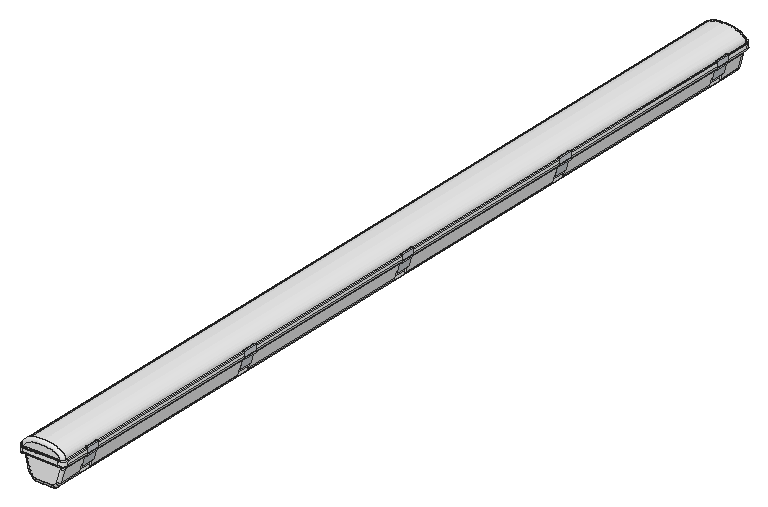
Revit family "0048796 Feilo Sylvania Lighting Fixture HYDROPROOF LED G3 1500MM S 4K D", category Lighting Fixtures, host Face, Revit 2016
Family settings
  Host = Face
  Part Type = Normal
  Round Connector Dimension = Use Diameter
  OmniClass Number = 23.80.70.11.14
  OmniClass Title = General Luminaries, Directional
  Cut with Voids When Loaded = No
  Light Source = Yes
  Shared = No
  Room Calculation Point = No
Parameters (values of type "0048796 HYDROPROOF LED G3 1500MM S 4K D")
  Width = 84 mm
  Weight = "2.26 kg"
  Wattage Comments = "n/a"
  Wattage = 31 W
  WarrantyStartDate [instance] = "n/a"
  WarrantyGuarantorParts = "n/a"
  WarrantyDurationUnit = "n/a"
  WarrantyDurationParts = "n/a"
  WarrantyDescription = "n/a"
  built-in parameter 1150110 = 1 (stored number, unit not read)
  Voltage = 230 V
  URL = "http://www.sylvania-lighting.com"
  TypeName = "HYDROPROOF LED G3 1500MM S 4K D"
  Type Image = <None>
  Type Comments = "n/a"
  built-in parameter 1114217 = 1 (stored number, unit not read)
  Tilt Angle = -90.00°
  built-in parameter 1150109 = 1 (stored number, unit not read)
  built-in parameter 1150134 = 12
  built-in parameter 1150113 = 1 (stored number, unit not read)
  SerialNumber [instance] = "n/a"
  ReflectorMaterial = none
  PowerFactor = 0
  PowerConsumption = "31 W"
  Photometric Web File = "0048796.ies"
  NominalWidth = 0 mm
  NominalLength = 1578 mm
  NominalHeight = 75 mm
  Name = "HYDROPROOF LED G3 1500MM S 4K D"
  ModelReference = "HYDROPROOF LED G3 1500MM S 4K D"
  ModelNumber = "0048796"
  Model = "HYDROPROOF LED G3 1500MM S 4K D"
  Material = "grp housing, pmma diffuser"
  ManufacturerName = "Feilo Sylvania"
  Manufacturer = "Feilo Sylvania"
  LuminousEfficacy = "160 lm/W"
  built-in parameter 1150105 = 394.7 (stored number, unit not read)
  Lumens = 4960 lm
  LuminaireType = ""
  built-in parameter 1150115 = 1 (stored number, unit not read)
  LightOutputRatio = "n/a"
  built-in parameter 1150137 = (empty or 0)
  built-in parameter 1150139 = (empty or 0)
  Length = 1572 mm
  LampsType = Lamp  # "LED"
  LampNominalLuminous = "4950 lm"
  LampMacAdamStep = "3"
  LampColourTemperature = "4000 K"
  LampColourRenderingIndex = "80"
  built-in parameter 1150112 = 1 (stored number, unit not read)
  built-in parameter 1150114 = 1 (stored number, unit not read)
  Lamp = "LED"
  Keynote = "16500"
  InstallationDate [instance] = "n/a"
  InputVoltage = "220-240V~"
  InputNominalFrequency = "DC/50/60 Hz"
  built-in parameter 1150132 = (empty or 0)
  built-in parameter 1150102 = (empty or 0)
  built-in parameter 1150107 = 4000 (stored number, unit not read)
  built-in parameter 1150138 = (empty or 0)
  IngressProtection = "IP65"
  ImpactProtectionIndex = "IK02"
  built-in parameter 1150106 = 3.947 (stored number, unit not read)
  IfcExportType = "IfcLightFixtureType"
  IfcExportAs = "IfcLightFixtureType"
  ExpectedLife = 50000
  Emit from Rectangle Width = Width - 20 mm  # 64 mm
  Emit from Rectangle Length = Length - 20 mm  # 1552 mm
  Emit Shape Visible in Rendering = no
  ElectricShockClassification = "Class I"
  built-in parameter 1150104 = 14.864 (stored number, unit not read)
  DurationUnit = "hours"
  DocumentationLiterature = "http://www.sylvania-lighting.com/product/en-int/products/0048796"
  DimmingControlOptions = "Dimmable"
  Dimming Lamp Color Temperature Shift = <None>
  DiffuserMaterial = Diffuser-Sylvania-Transparent
  Description = "Hydroproof, integrated LED chemical resistant weatherproof luminaire, with UV stabilized flat diffuser and linear prisms designed to achieve uniform lit appearance, optimise light output and to reduce glare, stainless steel diffuser clips and fixing brackets for surface and wall mounting. L 1578 mm x W 84 mm x H 75 mm size, GRP housing, PMMA diffuser, DALI dimmable, 4000K, CRI80,  4950 lm, 31 W, 160 lm/W, nominal average life (h):50000, energy class: A++ A+ A Class I,IK02, IP65."
  Default Elevation = 1219.2 mm
  CreatedOn = "3/27/2018"
  CreatedBy = "aron.fodor@feilosylvania.com"
  Cost = 0
  Color Filter = 16777215
  built-in parameter 1114216 [instance] = (empty or 0)
  ClassificationValue = "EF_70_80"
  ClassificationName = "Uniclass2015"
  BodyMaterial = Body-Sylvania-Gray
  BarCode [instance] = "n/a"
  built-in parameter 1114218 = 1 (stored number, unit not read)
  built-in parameter 1150133 = 10 (stored number, unit not read)
  AssetType = "Fixed"
  AssetIdentifier [instance] = "n/a"
  Assembly Code = "D5020200"
  Apparent Load = 31 VA
  AccessoryMaterial = Diffuser-Sylvania-Glow
Reference planes
  plane 1 "Center (Front/Back)": y = 0
  plane 2: z = 0
  plane 3 "Center (Left/Right)": x = 0
  plane 4: z = 54
  plane 5: x = -14.7
  plane 6: x = -21.8
  plane 7: x = -26.6
  plane 8: x = -29.2
  plane 9: z = 3
  plane 10: z = 7.8
  plane 11: z = 12.3
  plane 12: z = 36.6
  plane 13: z = 42.8
  plane 14: x = -38.1
  plane 15: z = 46.2
  plane 16: x = -42
  plane 17: y = 786
  plane 18: y = -786
  plane 19: x = 14.7
  plane 20: x = 21.8
  plane 21: x = 26.6
  plane 22: x = 29.2
  plane 23: x = 38.1
  plane 24: x = 42
  plane 25: y = 778.4
  plane 26: y = -778.4
  plane 27: y = -774.7
  plane 28: y = 774.7
  plane 29: z = 74
  plane 30: x = -38.5
  plane 31: x = 38.5
  plane 32: z = 55.2
  plane 33: y = -782.5
  plane 34: y = 782.5
  plane 35: x = -24.5
  plane 36: x = 24.5
  plane 37: x = -35.7
  plane 38: x = 35.7
  plane 39: z = 50.2
  plane 40: z = 24.6
  plane 41: y = -720
  plane 42: y = -734
  plane 43: y = -706
  plane 44: y = 720
  plane 45: y = -720
  plane 46: y = -734
  plane 47: y = -706
  plane 48: y = 720
  plane 49: y = 706
  plane 50: y = 734
  plane 51: y = -360
  plane 52: y = -374
  plane 53: y = -346
  plane 54: y = 0
  plane 55: y = -14
  plane 56: y = 14
  plane 57: y = 360
  plane 58: y = 346
  plane 59: y = 374
Forms (mm)
  Sweep 1, solid, material "Body-Sylvania-Gray" <- "BodyMaterial", detail levels medium+fine
    path origin (1223.4, -4572, 54) x (0, -1, 0) y (1, 0, 0)
      loop
        arc (-3796, -1265.4) -> (-3788.929, -1262.471) -> (-3786, -1255.4) r 10
        line (-3786, -1255.4) -> (-3786, -1191.4)
        arc (-3786, -1191.4) -> (-3788.929, -1184.329) -> (-3796, -1181.4) r 10
        line (-3796, -1181.4) -> (-5348, -1181.4)
        arc (-5348, -1181.4) -> (-5355.071, -1184.329) -> (-5358, -1191.4) r 10
        line (-5358, -1191.4) -> (-5358, -1255.4)
        arc (-5358, -1255.4) -> (-5355.071, -1262.471) -> (-5348, -1265.4) r 10
        line (-5348, -1265.4) -> (-3796, -1265.4)
    profile origin (-42, 0, 54) x (-1, 0, 0) y (0, 0, 1)
      loop
        line (0, 0) -> (-1, 0) -> (-1, -7.726)
        arc (-1, -7.726) -> (-1.994, -9.498) -> (-3.9, -10.2) r 2.937
        line (-3.9, -10.2) -> (-8.571, -10.2) -> (-8.571, -11.2) -> (-3.9, -11.2)
        arc (-3.9, -11.2) -> (-1.313, -10.231) -> (0, -7.8) r 3.937
        line (0, -7.8) -> (0, 0)
  Sweep 2, solid, material "Body-Sylvania-Gray" <- "BodyMaterial", detail levels medium+fine
    path origin (0, 0, 0) x (1, 0, 0) y (0, 0, 1)
      loop
        line (35.7, 42.8) -> (35.7, 36.6) -> (29.203, 12.31)
        arc (29.203, 12.31) -> (28.199, 9.884) -> (26.6, 7.8) r 10.052
        line (26.6, 7.8) -> (21.8, 3)
        arc (21.8, 3) -> (18.554, 0.781) -> (14.7, 0) r 9.902
        line (14.7, 0) -> (0, 0) -> (-14.7, 0)
        arc (-14.7, 0) -> (-18.554, 0.781) -> (-21.8, 3) r 9.902
        line (-21.8, 3) -> (-26.6, 7.8)
        arc (-26.6, 7.8) -> (-28.199, 9.884) -> (-29.203, 12.31) r 10.052
        line (-29.203, 12.31) -> (-35.7, 36.6) -> (-35.7, 42.8)
    profile origin (0, 0, 0) x (0, 0, -1) y (0, -1, 0)
      loop
        arc (0, 773.4) -> (-1.464, 776.936) -> (-5, 778.4) r 5
        line (-5, 778.4) -> (-7.8, 778.4) -> (-7.8, -778.4) -> (-5, -778.4)
        arc (-5, -778.4) -> (-1.464, -776.936) -> (0, -773.4) r 5
        line (0, -773.4) -> (0, 773.4)
  Extrusion 3, solid, material "Body-Sylvania-Gray" <- "BodyMaterial", detail levels medium+fine
    sketch origin (1524, 778.4, 1219.2) x (1, 0, 0) y (0, 0, 1)
      loop
        arc (-1545.668, -1204.874) -> (-1545.443, -1205.418) -> (-1545.085, -1205.885) r 2.252
        line (-1545.085, -1205.885) -> (-1540.231, -1210.738)
        arc (-1540.231, -1210.738) -> (-1539.534, -1211.227) -> (-1538.7, -1211.4) r 2.102
        line (-1538.7, -1211.4) -> (-1509.3, -1211.4)
        arc (-1509.3, -1211.4) -> (-1508.466, -1211.227) -> (-1507.769, -1210.738) r 2.102
        line (-1507.769, -1210.738) -> (-1502.915, -1205.885)
        arc (-1502.915, -1205.885) -> (-1502.557, -1205.418) -> (-1502.332, -1204.874) r 2.252
        line (-1502.332, -1204.874) -> (-1496.1, -1181.575) -> (-1496.1, -1176.4) -> (-1551.9, -1176.4) -> (-1551.9, -1181.575) -> (-1545.668, -1204.874)
    from 0 to 1556.8
  Sweep 4, solid, material "Diffuser-Sylvania-Transparent" <- "DiffuserMaterial", detail levels medium+fine
    path origin (0, 0, 0) x (1, 0, 0) y (0, 0, 1)
      loop
        spline (-38.5, 55.2) -> (-37.188, 60.066) -> (-33.342, 64.6) -> (-27.224, 68.494) -> (-19.25, 71.481) -> (-9.965, 73.359) -> (0, 74) -> (9.965, 73.359) -> (19.25, 71.481) -> (27.224, 68.494) -> (33.342, 64.6) -> (37.188, 60.066) -> (38.5, 55.2)
    profile origin (38.5, 0, 55.2) x (0, -1, 0) y (1, 0, 0)
      loop
        arc (782.5, -5.5) -> (780.889, -1.611) -> (777, 0) r 5.5
        line (777, 0) -> (-777, 0)
        arc (-777, 0) -> (-780.889, -1.611) -> (-782.5, -5.5) r 5.5
        line (-782.5, -5.5) -> (-782.5, -6.3) -> (-781.5, -6.3) -> (-781.5, -5.5)
        arc (-781.5, -5.5) -> (-780.182, -2.318) -> (-777, -1) r 4.5
        line (-777, -1) -> (777, -1)
        arc (777, -1) -> (780.182, -2.318) -> (781.5, -5.5) r 4.5
        line (781.5, -5.5) -> (781.5, -6.347) -> (782.5, -6.347) -> (782.5, -5.5)
  Extrusion 5, solid, material "Diffuser-Sylvania-Transparent" <- "DiffuserMaterial", detail levels medium+fine
    sketch origin (1524, -782.5, 1219.2) x (1, 0, 0) y (0, 0, 1)
      loop
        line (-1556.653, -1164) -> (-1491.347, -1164)
        spline (-1491.347, -1164) -> (-1491.939, -1161.945) -> (-1494.434, -1159.066) -> (-1499.342, -1155.96) -> (-1506.338, -1153.35) -> (-1514.799, -1151.648) -> (-1524, -1151.047) -> (-1533.201, -1151.648) -> (-1541.662, -1153.35) -> (-1548.658, -1155.96) -> (-1553.566, -1159.066) -> (-1556.061, -1161.945) -> (-1556.653, -1164)
    from 0 to -1
  Extrusion 6, solid, material "Diffuser-Sylvania-Transparent" <- "DiffuserMaterial", detail levels medium+fine
    sketch origin (1524, 782.5, 1219.2) x (1, 0, 0) y (0, 0, 1)
      loop
        spline (-1491.3, -1164) -> (-1491.898, -1161.922) -> (-1494.404, -1159.03) -> (-1499.322, -1155.918) -> (-1506.325, -1153.305) -> (-1514.793, -1151.602) -> (-1524, -1151) -> (-1533.207, -1151.602) -> (-1541.675, -1153.305) -> (-1548.678, -1155.918) -> (-1553.596, -1159.03) -> (-1556.102, -1161.922) -> (-1556.7, -1164)
        line (-1556.7, -1164) -> (-1491.3, -1164)
    from 0 to 1
  Extrusion 7, solid, material "Diffuser-Sylvania-Glow" <- "AccessoryMaterial", detail levels fine
    sketch origin (0, 0, 0) x (1, 0, 0) y (0, 0, 1)
      loop
        circle (0, 50.2) r 8
    from -774.7 to 774.7
  Extrusion 8, void
    sketch origin (0, -720, 2343.807) x (0, 0, -1) y (-1, 0, 0)
      loop
        line (2340.807, -24.5) -> (2331.507, -24.5) -> (2319.207, -29.2) -> (2319.207, -35.7) -> (2340.807, -35.7) -> (2340.807, -24.5)
      loop
        line (2340.807, 24.5) -> (2340.807, 35.7) -> (2319.207, 35.7) -> (2319.207, 29.2) -> (2331.507, 24.5) -> (2340.807, 24.5)
    from 14 to -14
  Extrusion 9, void, not visible
    sketch origin (0, -720, 2343.807) x (0, 0, -1) y (-1, 0, 0)
      loop
        line (2340.807, -24.5) -> (2331.507, -24.5) -> (2319.207, -29.2) -> (2319.207, -35.7) -> (2340.807, -35.7) -> (2340.807, -24.5)
      loop
        line (2340.807, 24.5) -> (2340.807, 35.7) -> (2319.207, 35.7) -> (2319.207, 29.2) -> (2331.507, 24.5) -> (2340.807, 24.5)
    from 14 to -14
  Extrusion 10, void
    sketch origin (0, 720, 2343.807) x (0, 0, -1) y (-1, 0, 0)
      loop
        line (2340.807, -24.5) -> (2331.507, -24.5) -> (2319.207, -29.2) -> (2319.207, -35.7) -> (2340.807, -35.7) -> (2340.807, -24.5)
      loop
        line (2340.807, 24.5) -> (2340.807, 35.7) -> (2319.207, 35.7) -> (2319.207, 29.2) -> (2331.507, 24.5) -> (2340.807, 24.5)
    from 14 to -14
  Extrusion 11, void
    sketch origin (0, -360, 2343.807) x (0, 0, -1) y (-1, 0, 0)
      loop
        line (2340.807, -24.5) -> (2331.507, -24.5) -> (2319.207, -29.2) -> (2319.207, -35.7) -> (2340.807, -35.7) -> (2340.807, -24.5)
      loop
        line (2340.807, 24.5) -> (2340.807, 35.7) -> (2319.207, 35.7) -> (2319.207, 29.2) -> (2331.507, 24.5) -> (2340.807, 24.5)
    from 14 to -14
  Extrusion 12, void
    sketch origin (0, 0, 2343.807) x (0, 0, -1) y (-1, 0, 0)
      loop
        line (2340.807, -24.5) -> (2331.507, -24.5) -> (2319.207, -29.2) -> (2319.207, -35.7) -> (2340.807, -35.7) -> (2340.807, -24.5)
      loop
        line (2340.807, 24.5) -> (2340.807, 35.7) -> (2319.207, 35.7) -> (2319.207, 29.2) -> (2331.507, 24.5) -> (2340.807, 24.5)
    from 14 to -14
  Extrusion 13, void
    sketch origin (0, 360, 2343.807) x (0, 0, -1) y (-1, 0, 0)
      loop
        line (2340.807, -24.5) -> (2331.507, -24.5) -> (2319.207, -29.2) -> (2319.207, -35.7) -> (2340.807, -35.7) -> (2340.807, -24.5)
      loop
        line (2340.807, 24.5) -> (2340.807, 35.7) -> (2319.207, 35.7) -> (2319.207, 29.2) -> (2331.507, 24.5) -> (2340.807, 24.5)
    from 14 to -14
  Extrusion 14, solid, material "Diffuser-Sylvania-Transparent" <- "DiffuserMaterial", detail levels medium+fine
    sketch origin (1223.4, -4572, 54) x (0, -1, 0) y (-1, 0, 0)
      loop
        arc (-5348, 1265.4) -> (-5355.071, 1262.471) -> (-5358, 1255.4) r 10
        line (-5358, 1255.4) -> (-5358, 1191.4)
        arc (-5358, 1191.4) -> (-5355.071, 1184.329) -> (-5348, 1181.4) r 10
        line (-5348, 1181.4) -> (-3796, 1181.4)
        arc (-3796, 1181.4) -> (-3788.929, 1184.329) -> (-3786, 1191.4) r 10
        line (-3786, 1191.4) -> (-3786, 1255.4)
        arc (-3786, 1255.4) -> (-3788.929, 1262.471) -> (-3796, 1265.4) r 10
        line (-3796, 1265.4) -> (-5348, 1265.4)
      loop
        arc (-5354.5, 1190.394) -> (-5352.887, 1186.509) -> (-5349, 1184.9) r 5.5
        line (-5349, 1184.9) -> (-3795, 1184.9)
        arc (-3795, 1184.9) -> (-3791.113, 1186.509) -> (-3789.5, 1190.394) r 5.5
        line (-3789.5, 1190.394) -> (-3789.5, 1256.406)
        arc (-3789.5, 1256.406) -> (-3791.113, 1260.291) -> (-3795, 1261.9) r 5.5
        line (-3795, 1261.9) -> (-5349, 1261.9)
        arc (-5349, 1261.9) -> (-5352.887, 1260.291) -> (-5354.5, 1256.406) r 5.5
        line (-5354.5, 1256.406) -> (-5354.5, 1190.394)
    from 0 to -1.2
  Extrusion 15, solid, material "Body-Sylvania-Gray" <- "BodyMaterial", detail levels coarse
    sketch origin (0, 0, 0) x (1, 0, 0) y (0, 0, 1)
      loop
        line (-42, 55.2) -> (-42, 42.8) -> (-26.6, 0) -> (26.6, 0) -> (42, 42.8) -> (42, 55.2) -> (-42, 55.2)
    from -786 to 786
  Extrusion 16, solid, material "Diffuser-Sylvania-Transparent" <- "DiffuserMaterial", detail levels coarse
    sketch origin (0, 0, 0) x (1, 0, 0) y (0, 0, 1)
      loop
        line (-38.5, 55.2) -> (38.5, 55.2)
        arc (38.5, 55.2) -> (0, 74) -> (-38.5, 55.2) r 48.822
    from -778.4 to 778.4
Cuts and joins
  Extrusion 8, Extrusion 10, Extrusion 11, Extrusion 12, Extrusion 13 cuts Sweep 2
  Extrusion 8, Extrusion 10, Extrusion 11, Extrusion 12, Extrusion 13 cuts Extrusion 3
  joined: Sweep 2, Extrusion 3
  joined: Sweep 4, Extrusion 5, Extrusion 6, Extrusion 14
Dimensions and locks
  locked: plane 4 to plane 2 at 54
  plane 5 to plane 6 to plane 7 to plane 8 to plane 14 to plane 16 = 7.1 mm locked, 4.8 mm locked, 2.6 mm locked, 8.9 mm locked, 3.9 mm locked
  plane 4 to plane 15 to plane 13 to plane 12 to plane 11 to plane 10 to plane 9 = 7.8 mm locked, 3.4 mm, 6.2 mm locked, 24.3 mm locked, 4.5 mm locked, 4.8 mm locked
  equal spacing: plane 18, plane 1 "Center (Front/Back)", plane 17
  "Length": plane 18 to plane 17
  plane 19 to plane 20 to plane 21 to plane 22 to plane 23 to plane 24 = 7.1 mm locked, 4.8 mm locked, 2.6 mm locked, 8.9 mm, 3.9 mm
  equal spacing: plane 24, plane 3 "Center (Left/Right)", plane 16
  "Width": plane 24 to plane 16
  equal spacing: plane 27, plane 1 "Center (Front/Back)", plane 28
  locked: plane 26 to plane 27 at 3.7
  locked: Sweep 1 sketch curve to profile plane at 1
  locked: Sweep 1 sketch curve to plane 13 at 1
  locked: Sweep 1 sketch curve to plane 13 at 3.937  (x2)
  locked: Sweep 1 sketch curve to profile plane at 3.9  (x2)
  plane 29 to plane 4 = 20 mm
  equal spacing: plane 31, plane 3 "Center (Left/Right)", plane 30
  locked: plane 30 to plane 16 at 3.5
  locked: plane 32 to plane 4 at 1.2
  equal spacing: plane 33, plane 1 "Center (Front/Back)", plane 34
  equal spacing: plane 36, plane 3 "Center (Left/Right)", plane 35
  locked: plane 34 to plane 17 at 3.5
  equal spacing: plane 38, plane 3 "Center (Left/Right)", plane 37
  locked: plane 37 to plane 16 at 6.3
  equal spacing: plane 25, plane 1 "Center (Front/Back)", plane 26
  locked: plane 17 to plane 25 at 7.6
  locked: Sweep 2 sketch curve to plane 2 at 5  (x2)
  locked: Sweep 2 sketch curve to plane 26 at 5
  locked: plane 25 to Sweep 2 sketch curve at 5
  locked: Sweep 4 sketch curve to plane 31 at 5.5  (x2)
  locked: Sweep 4 sketch curve to plane 34 at 5.5
  plane 33 to Sweep 4 sketch curve = 5.5 mm
  locked: plane 34 to Sweep 4 sketch curve at 1
  locked: Sweep 4 sketch curve to plane 31 at 1
  locked: Sweep 4 sketch curve to Sweep 4 sketch curve at 1
  locked: Sweep 4 sketch curve to plane 31 at 6.347
  locked: Sweep 4 sketch curve to plane 31 at 6.3
  locked: plane 40 to plane 2 at 24.6
  locked: plane 6 to plane 35 at 2.7
  locked: plane 1 "Center (Front/Back)" to plane 41 at 720
  plane 43 to plane 41 to plane 42 = 14 mm locked, 14 mm locked
  locked: plane 44 to plane 1 "Center (Front/Back)" at 720
  plane 47 to plane 45 to plane 46 = 14 mm locked, 14 mm locked
  plane 50 to plane 48 to plane 49 = 14 mm locked, 14 mm locked  (x2)
  equal spacing: group 1, group 6, group 7, group 8, group 5  (x3)
  plane 53 to plane 51 to plane 52 = 14 mm locked, 14 mm locked  (x2)
  plane 56 to plane 54 to plane 55 = 14 mm locked, 14 mm locked  (x2)
  plane 59 to plane 57 to plane 58 = 14 mm locked, 14 mm locked  (x2)
  plane 48 to plane 57 to plane 1 "Center (Front/Back)" to plane 51 to plane 41 = 360 mm locked, 360 mm locked, 360 mm locked, 360 mm locked
  aligned and locked: plane 2 to host face
  aligned and locked: level to host face
  aligned and locked: plane 16 to Sweep 1 sketch curve
  aligned and locked: Sweep 1 sketch curve to plane 24
  aligned and locked: plane 18 to Sweep 1 sketch curve
  aligned and locked: Sweep 1 sketch curve to plane 13
  aligned and locked: profile plane to Sweep 1 sketch curve
  aligned and locked: plane 3 "Center (Left/Right)" to Sweep 2 sketch curve
  aligned and locked: plane 9 to Sweep 2 sketch curve
  aligned and locked: plane 10 to Sweep 2 sketch curve
  aligned and locked: plane 37 to Sweep 2 sketch curve
  aligned and locked: plane 12 to Sweep 2 sketch curve
  aligned and locked: Sweep 2 sketch curve to level
  aligned and locked: plane 21 to Sweep 2 sketch curve
  aligned and locked: plane 38 to Sweep 2 sketch curve
  aligned and locked: profile plane to Sweep 2 sketch curve
  aligned and locked: plane 25 to Sweep 2 sketch curve
  aligned and locked: Sweep 2 sketch curve to plane 10
  aligned and locked: Extrusion 3 sketch curve to Sweep 2  (x7)
  aligned and locked: Sweep 2 to Extrusion 3 sketch curve
  aligned and locked: Extrusion 3 to plane 25
  aligned and locked: plane 26 to Extrusion 3
  aligned and locked: plane 32 to Sweep 4 sketch curve
  aligned and locked: plane 33 to Sweep 4 sketch curve
  aligned and locked: Sweep 4 to Extrusion 5
  aligned and locked: plane 33 to Extrusion 5
  aligned and locked: plane 39 to Extrusion 7 sketch curve
  aligned and locked: plane 27 to Extrusion 7
  aligned and locked: Extrusion 7 to plane 28
  aligned and locked: Extrusion 6 sketch curve to Sweep 4
  aligned and locked: Extrusion 5 sketch curve to Sweep 4
  aligned and locked: Extrusion 8 to plane 43
  aligned and locked: plane 42 to Extrusion 8
  aligned and locked: Extrusion 10 to plane 50
  aligned and locked: plane 49 to Extrusion 10
  aligned and locked: Extrusion 11 to plane 53
  aligned and locked: plane 52 to Extrusion 11
  aligned and locked: Extrusion 12 to plane 56
  aligned and locked: plane 55 to Extrusion 12
  aligned and locked: Extrusion 13 to plane 59
  aligned and locked: plane 58 to Extrusion 13
  aligned and locked: plane 3 "Center (Left/Right)" to Extrusion 7 sketch curve
  aligned and locked: Extrusion 14 sketch curve to Sweep 1  (x4)
  aligned and locked: Extrusion 14 to plane 32
  aligned and locked: plane 4 to Extrusion 14
  aligned and locked: plane 48 to nested 1
  aligned and locked: plane 57 to nested 2
  aligned and locked: plane 54 to nested 3
  aligned and locked: nested 4 to plane 51
  aligned and locked: nested 5 to plane 41
  aligned and locked: plane 41 to nested 10
  aligned and locked: plane 51 to nested 9
  aligned and locked: plane 54 to nested 8
  aligned and locked: plane 57 to nested 7
  aligned and locked: plane 48 to nested 6
  aligned and locked: plane 1 "Center (Front/Back)" to imposter light
  aligned and locked: plane 3 "Center (Left/Right)" to imposter light
  aligned and locked: imposter light to plane 29
  aligned and locked: plane 7 to Extrusion 15 sketch curve
  aligned and locked: plane 2 to Extrusion 15 sketch curve
  aligned and locked: Extrusion 15 sketch curve to nested 6
  aligned and locked: Extrusion 15 sketch curve to nested 1
  aligned and locked: plane 18 to Extrusion 15
  aligned and locked: Extrusion 15 to plane 17
  aligned and locked: Extrusion 15 to Sweep 1  (x2)
  aligned and locked: plane 30 to Extrusion 16 sketch curve
  aligned and locked: plane 31 to Extrusion 16 sketch curve
  aligned and locked: Extrusion 16 sketch curve to cut or joined group of Sweep 4, Extrusion 5, Extrusion 6, Extrusion 14
  aligned and locked: Extrusion 16 to plane 25
  aligned and locked: plane 26 to Extrusion 16
Automatic sketch dimensions
  host sketch curve to host sketch curve = 2438.4 mm  (x2)
  plane 17 to Sweep 1 sketch curve = 0 mm
  Sweep 1 sketch curve to plane 28 = 1.3 mm
  Sweep 1 sketch curve to plane 7 = 5.4 mm
  plane 27 to Sweep 1 sketch curve = 1.3 mm  (x2)
  Sweep 1 sketch curve to Sweep 1 sketch curve = 4.671 mm
  Sweep 1 sketch curve to plane 4 = 0 mm
  Sweep 2 sketch curve to plane 7 = 0 mm
  Sweep 2 sketch curve to plane 6 = 0 mm
  Sweep 2 sketch curve to plane 5 = 0 mm
  plane 19 to Sweep 2 sketch curve = 0 mm
  Sweep 2 sketch curve to plane 9 = 0 mm
  plane 20 to Sweep 2 sketch curve = 0 mm
  Sweep 2 sketch curve to plane 12 = 0 mm
  Sweep 2 sketch curve to plane 10 = 0 mm
  Sweep 2 sketch curve to plane 13 = 0 mm  (x2)
  Sweep 2 sketch curve to plane 8 = 0.003 mm
  plane 6 to Sweep 2 sketch curve = 2.308 mm
  plane 20 to Sweep 2 sketch curve = 2.308 mm
  Sweep 2 sketch curve to plane 22 = 0.003 mm
  Sweep 2 sketch curve to plane 11 = 0.01 mm  (x2)
  Extrusion 3 sketch curve to plane 5 = 0 mm
  plane 19 to Extrusion 3 sketch curve = 0 mm
  plane 6 to Extrusion 3 sketch curve = 0.132 mm
  plane 6 to Extrusion 3 sketch curve = 0.715 mm
  Extrusion 3 sketch curve to Extrusion 3 sketch curve = 1.592 mm
  Extrusion 3 sketch curve to plane 10 = 0.662 mm  (x2)
  plane 20 to Extrusion 3 sketch curve = 2.308 mm
  plane 20 to Extrusion 3 sketch curve = 0.715 mm
  plane 20 to Extrusion 3 sketch curve = 0.132 mm
  Sweep 4 sketch curve to plane 30 = 0 mm
  Sweep 4 sketch curve to plane 3 "Center (Left/Right)" = 0 mm
  Sweep 4 sketch curve to Sweep 4 sketch curve = 0 mm  (x2)
  plane 37 to Extrusion 6 sketch curve = 3 mm
  Extrusion 6 sketch curve to plane 38 = 3 mm
  plane 37 to Extrusion 5 sketch curve = 3.047 mm
  Extrusion 5 sketch curve to plane 38 = 3.047 mm
  Extrusion 8 sketch curve to Extrusion 8 sketch curve = 0 mm
  Extrusion 8 sketch curve to Extrusion 8 sketch curve = 12.3 mm  (x2)
  Extrusion 8 sketch curve to Extrusion 8 sketch curve = 9.3 mm  (x2)
  Extrusion 8 sketch curve to Extrusion 8 sketch curve = 6.5 mm  (x2)
  Extrusion 8 sketch curve to Extrusion 8 sketch curve = 4.7 mm  (x2)
  Extrusion 8 sketch curve to Extrusion 8 sketch curve = 49 mm
  Extrusion 9 sketch curve to Extrusion 9 sketch curve = 0 mm
  Extrusion 9 sketch curve to Extrusion 9 sketch curve = 12.3 mm  (x2)
  Extrusion 9 sketch curve to Extrusion 9 sketch curve = 9.3 mm  (x2)
  Extrusion 9 sketch curve to Extrusion 9 sketch curve = 6.5 mm  (x2)
  Extrusion 9 sketch curve to Extrusion 9 sketch curve = 4.7 mm  (x2)
  Extrusion 9 sketch curve to Extrusion 9 sketch curve = 49 mm
  Extrusion 10 sketch curve to Extrusion 10 sketch curve = 0 mm
  Extrusion 10 sketch curve to Extrusion 10 sketch curve = 12.3 mm  (x2)
  Extrusion 10 sketch curve to Extrusion 10 sketch curve = 9.3 mm  (x2)
  Extrusion 10 sketch curve to Extrusion 10 sketch curve = 6.5 mm  (x2)
  Extrusion 10 sketch curve to Extrusion 10 sketch curve = 4.7 mm  (x2)
  Extrusion 10 sketch curve to Extrusion 10 sketch curve = 49 mm
  Extrusion 11 sketch curve to Extrusion 11 sketch curve = 0 mm
  Extrusion 11 sketch curve to Extrusion 11 sketch curve = 12.3 mm  (x2)
  Extrusion 11 sketch curve to Extrusion 11 sketch curve = 9.3 mm  (x2)
  Extrusion 11 sketch curve to Extrusion 11 sketch curve = 6.5 mm  (x2)
  Extrusion 11 sketch curve to Extrusion 11 sketch curve = 4.7 mm  (x2)
  Extrusion 11 sketch curve to Extrusion 11 sketch curve = 49 mm
  Extrusion 12 sketch curve to Extrusion 12 sketch curve = 0 mm
  Extrusion 12 sketch curve to Extrusion 12 sketch curve = 12.3 mm  (x2)
  Extrusion 12 sketch curve to Extrusion 12 sketch curve = 9.3 mm  (x2)
  Extrusion 12 sketch curve to Extrusion 12 sketch curve = 6.5 mm  (x2)
  Extrusion 12 sketch curve to Extrusion 12 sketch curve = 4.7 mm  (x2)
  Extrusion 12 sketch curve to Extrusion 12 sketch curve = 49 mm
  Extrusion 13 sketch curve to Extrusion 13 sketch curve = 0 mm
  Extrusion 13 sketch curve to Extrusion 13 sketch curve = 12.3 mm  (x2)
  Extrusion 13 sketch curve to Extrusion 13 sketch curve = 9.3 mm  (x2)
  Extrusion 13 sketch curve to Extrusion 13 sketch curve = 6.5 mm  (x2)
  Extrusion 13 sketch curve to Extrusion 13 sketch curve = 4.7 mm  (x2)
  Extrusion 13 sketch curve to Extrusion 13 sketch curve = 49 mm
  Extrusion 14 sketch curve to plane 34 = 0 mm
  plane 30 to Extrusion 14 sketch curve = 0 mm
  Extrusion 14 sketch curve to plane 31 = 0 mm
  plane 33 to Extrusion 14 sketch curve = 0 mm
  plane 25 to Extrusion 14 sketch curve = 1.4 mm  (x4)
  Extrusion 14 sketch curve to plane 26 = 1.4 mm  (x4)
  plane 37 to Extrusion 14 sketch curve = 2.694 mm  (x2)
  Extrusion 14 sketch curve to plane 38 = 2.694 mm  (x2)
  plane 21 to Extrusion 15 sketch curve = 0 mm
  Extrusion 15 sketch curve to plane 13 = 0 mm  (x2)
  Extrusion 15 sketch curve to plane 32 = 0 mm
  Extrusion 16 sketch curve to plane 40 = 0.578 mm
  radius of Extrusion 7 sketch curve = 8 mm
Nested families
  nested 1: "Clip" at (-29.2, 720, 24.6) x (-1, 0, 0) z (0, 0, 1), type "Clip", detail levels fine
  nested 2: "Clip" at (-29.2, 360, 24.6) x (-1, 0, 0) z (0, 0, 1), type "Clip", detail levels fine
  nested 3: "Clip" at (-29.2, 0, 24.6) x (-1, 0, 0) z (0, 0, 1), type "Clip", detail levels fine
  nested 4: "Clip" at (-29.2, -360, 24.6) x (-1, 0, 0) z (0, 0, 1), type "Clip", detail levels fine
  nested 5: "Clip" at (-29.2, -720, 24.6) x (-1, 0, 0) z (0, 0, 1), type "Clip", detail levels fine
  nested 6: "Clip" at (29.2, 720, 24.6), type "Clip", detail levels fine
  nested 7: "Clip" at (29.2, 360, 24.6), type "Clip", detail levels fine
  nested 8: "Clip" at (29.2, 0, 24.6), type "Clip", detail levels fine
  nested 9: "Clip" at (29.2, -360, 24.6), type "Clip", detail levels fine
  nested 10: "Clip" at (29.2, -720, 24.6), type "Clip", detail levels fine
Connectors
  electrical at (0, 0, 0), driven by "Apparent Load"
    settings: index 1, voltage 230 V, apparent load 31 VA, apparent load phase1 0 VA, apparent load phase2 0 VA, apparent load phase3 0 VA, power factor 0, load classification "Lighting", number of poles 1, system type 30, power factor state 1, is connector primary yes, connector utility no, sub classification motor no, connector description ""
Definition of nested family "Clip"
  Parameters (values of type "Clip")
    URL = "http://www.feilosylvania.com"
    Type Comments = "n/a"
    Model = "n/a"
    Manufacturer = "Feilo Sylvania"
    Keynote = "n/a"
    Description = "n/a"
    Default Elevation = 1219.2 mm
    Cost = 0
    BodyMaterial = none
    Assembly Code = "n/a"
  Reference planes
    plane 1 "Center (Front/Back)": y = 0
    plane 2: z = 0
    plane 3 "Center (Left/Right)": x = 0
    plane 4: x = 3.3
    plane 5: x = 6.5
    plane 6: x = 8.9
    plane 7: x = 12.8
    plane 8: z = 12
    plane 9: z = 18.2
    plane 10: z = 21.6
    plane 11: z = 30.6
    plane 12: x = 9.3
    plane 13: z = 19.2
    plane 14: z = 16.2
    plane 15: x = 10.1
    plane 16: y = 12
    plane 17: y = -12
  Forms (mm)
    Extrusion 1, solid
      sketch origin (-0.8, 0, 0) x (1, 0, 0) y (0, 1, 0)
        loop
          line (-1219.2, 1219.2) -> (-1219.2, -1219.2) -> (1219.2, -1219.2) -> (1219.2, 1219.2) -> (-1219.2, 1219.2)
      from 0 to -304.8
    Extrusion 2, solid
      sketch origin (0, 0, 0) x (1, 0, 0) y (0, 0, 1)
        loop
          line (8.9, 16.2) -> (4.58, 0) -> (0, 0) -> (0, -0.8) -> (5.195, -0.8) -> (9.603, 15.731) -> (13.6, 18.806) -> (13.6, 30.6)
          arc (13.6, 30.6) -> (11.45, 32.75) -> (9.3, 30.6) r 2.15
          line (9.3, 30.6) -> (10.1, 30.6)
          arc (10.1, 30.6) -> (11.45, 31.95) -> (12.8, 30.6) r 1.35
          line (12.8, 30.6) -> (12.8, 19.2) -> (8.9, 16.2)
      from -12 to 12
  Lines and regions (mm)
    reference lines
      curve 1: line (3.3, 0, 0) -> (6.5, 0, 12)
      curve 2: arc (8.9, 0, 18.2) -> (11.488, 0, 19.169) -> (12.8, 0, 21.6) r 3.934
  Dimensions and locks
    plane 7 to plane 6 to plane 5 to plane 4 to plane 3 "Center (Left/Right)" = 3.9 mm locked, 2.4 mm locked, 3.2 mm locked, 3.3 mm locked
    plane 11 to plane 10 to plane 9 to plane 8 to plane 2 = 9 mm locked, 3.4 mm locked, 6.2 mm locked, 12 mm locked
    locked: plane 7 to plane 12 at 3.5
    locked: plane 13 to plane 9 at 1
    locked: plane 9 to plane 14 at 2
    locked: plane 15 to plane 12 at 0.8
    locked: plane 2 to Extrusion 2 sketch curve at 0.8
    locked: Extrusion 2 sketch curve to Extrusion 2 sketch curve at 0.8  (x3)
    locked: plane 7 to Extrusion 2 sketch curve at 1.35
    equal spacing: plane 17, plane 1 "Center (Front/Back)", plane 16
    locked: plane 1 "Center (Front/Back)" to plane 16 at 12
    aligned and locked: plane 2 to Extrusion 1
    aligned and locked: level to Extrusion 1
    aligned and locked: plane 4 to curve 1
    aligned and locked: plane 5 to curve 1
    aligned and locked: plane 6 to curve 2
    aligned and locked: plane 10 to curve 2
    aligned and locked: plane 14 to Extrusion 2 sketch curve
    aligned and locked: plane 13 to Extrusion 2 sketch curve
    aligned and locked: plane 7 to Extrusion 2 sketch curve
    aligned and locked: plane 3 "Center (Left/Right)" to Extrusion 2 sketch curve
    aligned and locked: Extrusion 2 sketch curve to level
    aligned and locked: Extrusion 2 sketch curve to plane 11
    aligned and locked: plane 11 to Extrusion 2 sketch curve
    aligned and locked: Extrusion 2 to plane 16
    aligned and locked: plane 17 to Extrusion 2
  Automatic sketch dimensions
    Extrusion 1 sketch curve to Extrusion 1 sketch curve = 2438.4 mm  (x2)
    curve 2 to plane 7 = 0 mm
    curve 1 to level = 0 mm
    curve 1 to plane 8 = 0 mm
    curve 2 to plane 9 = 0 mm
    plane 6 to curve 2 = 0.002 mm
    Extrusion 2 sketch curve to Extrusion 2 sketch curve = 0 mm
    Extrusion 2 sketch curve to plane 6 = 0 mm
    plane 4 to Extrusion 2 sketch curve = 1.28 mm
